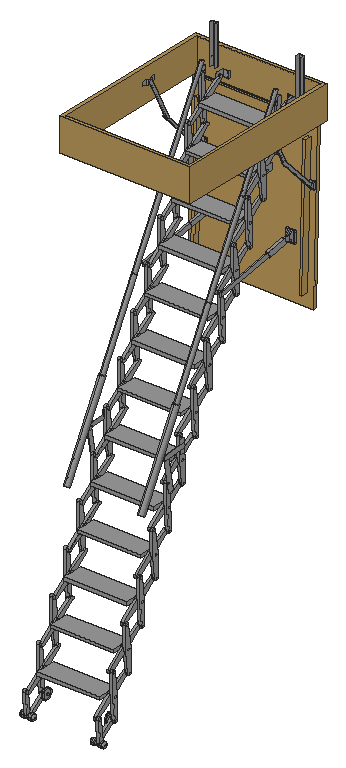
Revit family "schaartrap_XL-H 1000x1300mm", category Generic Models, Revit 2019
Family settings
  Can host rebar = No
  Round Connector Dimension = Use Diameter
  Part Type = Normal
  Work Plane-Based = Yes
  Always vertical = Yes
  Cut with Voids When Loaded = No
  Shared = Yes
  Room Calculation Point = No
Parameters
  schaartrap = gietaluminium
  deksel = hout
  bovenliggende treden = yes
  URL = "https://www.gortergroup.com/nl/producten/ladders-en-trappen/schaartrappen/xl.html"
  Model = "XL-H 1000x1300mm"  # constant formula
  Default Elevation = 0 mm
Reference planes
  plane 1 "Center (Front/Back)": y = 0
  plane 2: z = 0
  plane 3 "Center (Left/Right)": x = 0
  plane 4: x = 246.5
  plane 5: x = -246.5
  plane 6: x = 266.5
  plane 7: x = 286.5
  plane 8: x = -266.5
  plane 9: x = -286.5
  plane 10: x = 342.5
  plane 11: x = -342.5
  plane 12: x = 317.5
  plane 13: x = -317.5
  plane 14: x = 187
  plane 15: through (0, 345.082, 1914.696) normal (0, 0.9043, -0.4269)
  plane 16: x = 493.5
  plane 17: x = -493.5
  plane 18: x = 475
  plane 19: x = -475
  plane 20: through (63.5, 406.241, 1400.253) normal (0, 0.8771, -0.4804)
  plane 21: through (-63.5, 406.241, 1400.253) normal (0, -0.8771, 0.4804)
  plane 22 "traplijn": through (0, 1396.149, 3118.536) normal (0, -0.9043, 0.4268)
  plane 23: z = 3500.001
  plane 24 "bk. omtimmering": z = 3750.004
  plane 25: y = 605.792
  plane 26: y = 69.831
  plane 27: y = 197.695
  plane 28: y = 1895.792
Forms (mm)
  Extrusion 1, solid, material "gietaluminium" <- "schaartrap", not visible
    sketch origin (0, -403.664, 0) x (0, 1, 0) y (0, 0, 1)
      loop
        line (1660.091, 591.072) -> (1793.702, 492.583)
        arc (1793.702, 492.583) -> (1815.407, 492.044) -> (1815.385, 513.755) r 15.158
        line (1815.385, 513.755) -> (1672.629, 608.949)
        arc (1672.629, 608.949) -> (1657.833, 605.991) -> (1660.091, 591.072) r 10.93
      loop
        arc (1681.567, 738.759) -> (1744.911, 698.362) -> (1810.449, 661.629) r 1321.664
        arc (1810.449, 661.629) -> (1824.468, 665.035) -> (1822.897, 679.376) r 10.93
        arc (1822.897, 679.376) -> (1753.457, 738.623) -> (1680.094, 792.935) r 1321.664
        arc (1680.094, 792.935) -> (1613.285, 836.009) -> (1544.007, 874.988) r 1321.664
        arc (1544.007, 874.988) -> (1529.988, 871.582) -> (1531.559, 857.241) r 10.93
        arc (1531.559, 857.241) -> (1604.418, 795.285) -> (1681.567, 738.759) r 1321.664
      loop
        arc (1553.722, 1004.35) -> (1617.066, 963.953) -> (1682.604, 927.22) r 1321.664
        arc (1682.604, 927.22) -> (1696.623, 930.626) -> (1695.052, 944.967) r 10.93
        arc (1695.052, 944.967) -> (1625.612, 1004.214) -> (1552.249, 1058.526) r 1321.664
        arc (1552.249, 1058.526) -> (1485.44, 1101.6) -> (1416.162, 1140.579) r 1321.664
        arc (1416.162, 1140.579) -> (1402.143, 1137.173) -> (1403.714, 1122.832) r 10.93
        arc (1403.714, 1122.832) -> (1476.573, 1060.876) -> (1553.722, 1004.35) r 1321.664
      loop
        arc (1425.877, 1269.941) -> (1489.221, 1229.544) -> (1554.759, 1192.811) r 1321.664
        arc (1554.759, 1192.811) -> (1568.778, 1196.217) -> (1567.207, 1210.558) r 10.93
        arc (1567.207, 1210.558) -> (1497.767, 1269.805) -> (1424.404, 1324.117) r 1321.664
        arc (1424.404, 1324.117) -> (1357.595, 1367.191) -> (1288.317, 1406.171) r 1321.664
        arc (1288.317, 1406.171) -> (1274.298, 1402.764) -> (1275.869, 1388.423) r 10.93
        arc (1275.869, 1388.423) -> (1348.728, 1326.467) -> (1425.877, 1269.941) r 1321.664
      loop
        arc (1298.032, 1535.532) -> (1361.376, 1495.135) -> (1426.914, 1458.402) r 1321.664
        arc (1426.914, 1458.402) -> (1440.933, 1461.808) -> (1439.362, 1476.149) r 10.93
        arc (1439.362, 1476.149) -> (1369.922, 1535.396) -> (1296.559, 1589.708) r 1321.664
        arc (1296.559, 1589.708) -> (1229.75, 1632.782) -> (1160.472, 1671.762) r 1321.664
        arc (1160.472, 1671.762) -> (1146.453, 1668.355) -> (1148.025, 1654.014) r 10.93
        arc (1148.025, 1654.014) -> (1220.883, 1592.058) -> (1298.032, 1535.532) r 1321.664
      loop
        arc (1170.187, 1801.124) -> (1233.531, 1760.726) -> (1299.069, 1723.993) r 1321.664
        arc (1299.069, 1723.993) -> (1313.088, 1727.399) -> (1311.517, 1741.741) r 10.93
        arc (1311.517, 1741.741) -> (1242.077, 1800.987) -> (1168.714, 1855.299) r 1321.664
        arc (1168.714, 1855.299) -> (1101.905, 1898.373) -> (1032.628, 1937.353) r 1321.664
        arc (1032.628, 1937.353) -> (1018.608, 1933.947) -> (1020.18, 1919.605) r 10.93
        arc (1020.18, 1919.605) -> (1093.038, 1857.649) -> (1170.187, 1801.124) r 1321.664
      loop
        arc (1042.257, 2065.796) -> (1105.602, 2025.399) -> (1171.139, 1988.666) r 1321.664
        arc (1171.139, 1988.666) -> (1185.158, 1992.072) -> (1183.587, 2006.413) r 10.93
        arc (1183.587, 2006.413) -> (1114.148, 2065.66) -> (1040.784, 2119.972) r 1321.664
        arc (1040.784, 2119.972) -> (973.975, 2163.046) -> (904.698, 2202.025) r 1321.664
        arc (904.698, 2202.025) -> (890.679, 2198.619) -> (892.25, 2184.278) r 10.93
        arc (892.25, 2184.278) -> (965.109, 2122.322) -> (1042.257, 2065.796) r 1321.664
      loop
        arc (914.497, 2332.306) -> (977.842, 2291.908) -> (1043.379, 2255.175) r 1321.664
        arc (1043.379, 2255.175) -> (1057.398, 2258.582) -> (1055.827, 2272.923) r 10.93
        arc (1055.827, 2272.923) -> (986.388, 2332.169) -> (913.024, 2386.482) r 1321.664
        arc (913.024, 2386.482) -> (846.215, 2429.555) -> (776.938, 2468.535) r 1321.664
        arc (776.938, 2468.535) -> (762.919, 2465.129) -> (764.49, 2450.788) r 10.93
        arc (764.49, 2450.788) -> (837.349, 2388.831) -> (914.497, 2332.306) r 1321.664
      loop
        arc (786.652, 2597.897) -> (849.997, 2557.499) -> (915.534, 2520.767) r 1321.664
        arc (915.534, 2520.767) -> (929.553, 2524.173) -> (927.982, 2538.514) r 10.93
        arc (927.982, 2538.514) -> (858.543, 2597.76) -> (785.179, 2652.073) r 1321.664
        arc (785.179, 2652.073) -> (718.37, 2695.147) -> (649.093, 2734.126) r 1321.664
        arc (649.093, 2734.126) -> (635.074, 2730.72) -> (636.645, 2716.379) r 10.93
        arc (636.645, 2716.379) -> (709.504, 2654.422) -> (786.652, 2597.897) r 1321.664
      loop
        arc (658.807, 2863.488) -> (722.152, 2823.09) -> (787.689, 2786.358) r 1321.664
        arc (787.689, 2786.358) -> (801.708, 2789.764) -> (800.137, 2804.105) r 10.93
        arc (800.137, 2804.105) -> (730.698, 2863.352) -> (657.334, 2917.664) r 1321.664
        arc (657.334, 2917.664) -> (590.525, 2960.738) -> (521.248, 2999.717) r 1321.664
        arc (521.248, 2999.717) -> (507.229, 2996.311) -> (508.8, 2981.97) r 10.93
        arc (508.8, 2981.97) -> (581.659, 2920.013) -> (658.807, 2863.488) r 1321.664
      loop
        arc (530.962, 3129.079) -> (594.307, 3088.682) -> (659.844, 3051.949) r 1321.664
        arc (659.844, 3051.949) -> (673.863, 3055.355) -> (672.292, 3069.696) r 10.93
        arc (672.292, 3069.696) -> (602.853, 3128.943) -> (529.49, 3183.255) r 1321.664
        arc (529.49, 3183.255) -> (462.68, 3226.329) -> (393.403, 3265.308) r 1321.664
        arc (393.403, 3265.308) -> (379.384, 3261.902) -> (380.955, 3247.561) r 10.93
        arc (380.955, 3247.561) -> (453.814, 3185.604) -> (530.962, 3129.079) r 1321.664
      loop
        arc (402.919, 3394.67) -> (466.263, 3354.273) -> (531.801, 3317.54) r 1321.664
        arc (531.801, 3317.54) -> (545.82, 3320.946) -> (544.249, 3335.287) r 10.93
        arc (544.249, 3335.287) -> (474.809, 3394.534) -> (401.446, 3448.846) r 1321.664
        arc (401.446, 3448.846) -> (334.637, 3491.92) -> (265.359, 3530.899) r 1321.664
        arc (265.359, 3530.899) -> (251.34, 3527.493) -> (252.911, 3513.152) r 10.93
        arc (252.911, 3513.152) -> (325.77, 3451.196) -> (402.919, 3394.67) r 1321.664
      loop
        arc (275.074, 3660.261) -> (338.418, 3619.864) -> (403.956, 3583.131) r 1321.664
        arc (403.956, 3583.131) -> (417.975, 3586.537) -> (416.404, 3600.878) r 10.93
        arc (416.404, 3600.878) -> (346.964, 3660.125) -> (273.601, 3714.437) r 1321.664
        arc (273.601, 3714.437) -> (206.792, 3757.511) -> (137.514, 3796.49) r 1321.664
        arc (137.514, 3796.49) -> (123.495, 3793.084) -> (125.066, 3778.743) r 10.93
        arc (125.066, 3778.743) -> (197.925, 3716.787) -> (275.074, 3660.261) r 1321.664
      loop
        arc (147.229, 3925.852) -> (210.573, 3885.455) -> (276.111, 3848.722) r 1321.664
        arc (276.111, 3848.722) -> (290.13, 3852.128) -> (288.559, 3866.469) r 10.93
        arc (288.559, 3866.469) -> (219.119, 3925.716) -> (145.756, 3980.028) r 1321.664
        arc (145.756, 3980.028) -> (78.947, 4023.102) -> (9.669, 4062.081) r 1321.664
        arc (9.669, 4062.081) -> (-4.35, 4058.675) -> (-2.779, 4044.334) r 10.93
        arc (-2.779, 4044.334) -> (70.08, 3982.378) -> (147.229, 3925.852) r 1321.664
    from 366 to 386
  Extrusion 2, solid, material "gietaluminium" <- "schaartrap", not visible
    sketch origin (0, -403.664, 0) x (0, 1, 0) y (0, 0, 1)
      loop
        line (1804.611, 671.987) -> (1789.899, 500.206)
        arc (1789.899, 500.206) -> (1805.874, 487.768) -> (1819.973, 502.308) r 15.158
        line (1819.973, 502.308) -> (1826.429, 670.635)
        arc (1826.429, 670.635) -> (1816.196, 682.22) -> (1804.611, 671.987) r 10.93
      loop
        arc (1655.876, 598.979) -> (1666.105, 588.806) -> (1677.512, 597.639) r 10.93
        arc (1677.512, 597.639) -> (1699.046, 766.957) -> (1698.58, 937.638) r 1321.664
        arc (1698.58, 937.638) -> (1688.351, 947.811) -> (1676.944, 938.979) r 10.93
        arc (1676.944, 938.979) -> (1655.41, 769.66) -> (1655.876, 598.979) r 1321.664
      loop
        arc (1528.031, 864.57) -> (1538.261, 854.397) -> (1549.667, 863.23) r 10.93
        arc (1549.667, 863.23) -> (1571.201, 1032.548) -> (1570.735, 1203.229) r 1321.664
        arc (1570.735, 1203.229) -> (1560.506, 1213.403) -> (1549.099, 1204.57) r 10.93
        arc (1549.099, 1204.57) -> (1527.565, 1035.252) -> (1528.031, 864.57) r 1321.664
      loop
        arc (1400.186, 1130.161) -> (1410.416, 1119.988) -> (1421.822, 1128.821) r 10.93
        arc (1421.822, 1128.821) -> (1443.356, 1298.139) -> (1442.89, 1468.82) r 1321.664
        arc (1442.89, 1468.82) -> (1432.661, 1478.994) -> (1421.254, 1470.161) r 10.93
        arc (1421.254, 1470.161) -> (1399.72, 1300.843) -> (1400.186, 1130.161) r 1321.664
      loop
        arc (1272.341, 1395.752) -> (1282.571, 1385.579) -> (1293.978, 1394.412) r 10.93
        arc (1293.978, 1394.412) -> (1315.511, 1563.73) -> (1315.045, 1734.411) r 1321.664
        arc (1315.045, 1734.411) -> (1304.816, 1744.585) -> (1293.409, 1735.752) r 10.93
        arc (1293.409, 1735.752) -> (1271.875, 1566.434) -> (1272.341, 1395.752) r 1321.664
      loop
        arc (1144.497, 1661.344) -> (1154.726, 1651.17) -> (1166.133, 1660.003) r 10.93
        arc (1166.133, 1660.003) -> (1187.666, 1829.321) -> (1187.2, 2000.002) r 1321.664
        arc (1187.2, 2000.002) -> (1176.971, 2010.176) -> (1165.564, 2001.343) r 10.93
        arc (1165.564, 2001.343) -> (1144.03, 1832.025) -> (1144.497, 1661.344) r 1321.664
      loop
        arc (1016.652, 1926.935) -> (1026.881, 1916.761) -> (1038.288, 1925.594) r 10.93
        arc (1038.288, 1925.594) -> (1059.821, 2094.912) -> (1059.355, 2265.593) r 1321.664
        arc (1059.355, 2265.593) -> (1049.126, 2275.767) -> (1037.719, 2266.934) r 10.93
        arc (1037.719, 2266.934) -> (1016.185, 2097.616) -> (1016.652, 1926.935) r 1321.664
      loop
        arc (888.807, 2192.526) -> (899.036, 2182.352) -> (910.443, 2191.185) r 10.93
        arc (910.443, 2191.185) -> (931.976, 2360.503) -> (931.51, 2531.185) r 1321.664
        arc (931.51, 2531.185) -> (921.281, 2541.358) -> (909.874, 2532.525) r 10.93
        arc (909.874, 2532.525) -> (888.34, 2363.207) -> (888.807, 2192.526) r 1321.664
      loop
        arc (760.962, 2458.117) -> (771.191, 2447.943) -> (782.598, 2456.776) r 10.93
        arc (782.598, 2456.776) -> (804.132, 2626.094) -> (803.665, 2796.776) r 1321.664
        arc (803.665, 2796.776) -> (793.436, 2806.949) -> (782.029, 2798.116) r 10.93
        arc (782.029, 2798.116) -> (760.495, 2628.798) -> (760.962, 2458.117) r 1321.664
      loop
        arc (633.117, 2723.708) -> (643.346, 2713.534) -> (654.753, 2722.367) r 10.93
        arc (654.753, 2722.367) -> (676.287, 2891.685) -> (675.82, 3062.367) r 1321.664
        arc (675.82, 3062.367) -> (665.591, 3072.54) -> (654.184, 3063.707) r 10.93
        arc (654.184, 3063.707) -> (632.651, 2894.389) -> (633.117, 2723.708) r 1321.664
      loop
        arc (505.272, 2989.299) -> (515.501, 2979.126) -> (526.908, 2987.958) r 10.93
        arc (526.908, 2987.958) -> (548.442, 3157.277) -> (547.975, 3327.958) r 1321.664
        arc (547.975, 3327.958) -> (537.746, 3338.131) -> (526.339, 3329.298) r 10.93
        arc (526.339, 3329.298) -> (504.806, 3159.98) -> (505.272, 2989.299) r 1321.664
      loop
        arc (377.427, 3254.89) -> (387.656, 3244.717) -> (399.063, 3253.55) r 10.93
        arc (399.063, 3253.55) -> (420.597, 3422.868) -> (420.13, 3593.549) r 1321.664
        arc (420.13, 3593.549) -> (409.901, 3603.722) -> (398.494, 3594.89) r 10.93
        arc (398.494, 3594.89) -> (376.961, 3425.571) -> (377.427, 3254.89) r 1321.664
      loop
        arc (249.582, 3520.481) -> (259.811, 3510.308) -> (271.218, 3519.141) r 10.93
        arc (271.218, 3519.141) -> (292.752, 3688.459) -> (292.286, 3859.14) r 1321.664
        arc (292.286, 3859.14) -> (282.056, 3869.314) -> (270.649, 3860.481) r 10.93
        arc (270.649, 3860.481) -> (249.116, 3691.163) -> (249.582, 3520.481) r 1321.664
      loop
        arc (121.737, 3786.072) -> (131.966, 3775.899) -> (143.373, 3784.732) r 10.93
        arc (143.373, 3784.732) -> (164.907, 3954.05) -> (164.441, 4124.731) r 1321.664
        arc (164.441, 4124.731) -> (154.211, 4134.905) -> (142.804, 4126.072) r 10.93
        arc (142.804, 4126.072) -> (121.271, 3956.754) -> (121.737, 3786.072) r 1321.664
    from 386 to 406
  Extrusion 3, solid, material "gietaluminium" <- "schaartrap"
    sketch origin (0, 1421.409, -482.845) x (0, -1, 0) y (0, 0, -1)
      loop
        line (1067.733, -1026.907) -> (1067.733, -1050.729) -> (1223.714, -1050.729) -> (1223.714, -1026.907) -> (1067.733, -1026.907)
      loop
        line (1195.578, -785.182) -> (1351.578, -785.182) -> (1351.578, -761.291) -> (1195.578, -761.291) -> (1195.578, -785.182)
      loop
        line (939.888, -1292.454) -> (939.888, -1316.276) -> (1095.869, -1316.276) -> (1095.869, -1292.454) -> (939.888, -1292.454)
      loop
        line (812.043, -1558.001) -> (812.043, -1581.823) -> (968.024, -1581.823) -> (968.024, -1558.001) -> (812.043, -1558.001)
      loop
        line (684.198, -1823.548) -> (684.198, -1847.37) -> (840.179, -1847.37) -> (840.179, -1823.548) -> (684.198, -1823.548)
      loop
        line (556.353, -2089.095) -> (556.353, -2112.917) -> (712.334, -2112.917) -> (712.334, -2089.095) -> (556.353, -2089.095)
      loop
        line (428.508, -2354.642) -> (428.508, -2378.465) -> (584.489, -2378.465) -> (584.489, -2354.642) -> (428.508, -2354.642)
      loop
        line (300.663, -2620.189) -> (300.663, -2644.012) -> (456.644, -2644.012) -> (456.644, -2620.189) -> (300.663, -2620.189)
      loop
        line (172.818, -2885.736) -> (172.818, -2909.559) -> (328.799, -2909.559) -> (328.799, -2885.736) -> (172.818, -2885.736)
      loop
        line (44.973, -3151.284) -> (44.973, -3175.106) -> (200.954, -3175.106) -> (200.954, -3151.284) -> (44.973, -3151.284)
      loop
        line (-82.872, -3416.831) -> (-82.872, -3440.653) -> (73.109, -3440.653) -> (73.109, -3416.831) -> (-82.872, -3416.831)
      loop
        line (-210.717, -3682.378) -> (-210.717, -3706.2) -> (-54.736, -3706.2) -> (-54.736, -3682.378) -> (-210.717, -3682.378)
      loop
        line (-338.562, -3947.925) -> (-338.562, -3971.747) -> (-182.581, -3971.747) -> (-182.581, -3947.925) -> (-338.562, -3947.925)
    from -240 to 240
  Extrusion 4, solid, material "gietaluminium" <- "schaartrap"
    sketch origin (119.5, 1825.073, -482.845) x (0, -1, 0) y (0, 0, 1)
      loop
        line (1660.091, 591.072) -> (1793.702, 492.583)
        arc (1793.702, 492.583) -> (1815.407, 492.044) -> (1815.385, 513.755) r 15.158
        line (1815.385, 513.755) -> (1672.629, 608.949)
        arc (1672.629, 608.949) -> (1657.833, 605.991) -> (1660.091, 591.072) r 10.93
      loop
        arc (1681.567, 738.759) -> (1744.911, 698.362) -> (1810.449, 661.629) r 1321.664
        arc (1810.449, 661.629) -> (1824.468, 665.035) -> (1822.897, 679.376) r 10.93
        arc (1822.897, 679.376) -> (1753.457, 738.623) -> (1680.094, 792.935) r 1321.664
        arc (1680.094, 792.935) -> (1613.285, 836.009) -> (1544.007, 874.988) r 1321.664
        arc (1544.007, 874.988) -> (1529.988, 871.582) -> (1531.559, 857.241) r 10.93
        arc (1531.559, 857.241) -> (1604.418, 795.285) -> (1681.567, 738.759) r 1321.664
      loop
        arc (1553.722, 1004.35) -> (1617.066, 963.953) -> (1682.604, 927.22) r 1321.664
        arc (1682.604, 927.22) -> (1696.623, 930.626) -> (1695.052, 944.967) r 10.93
        arc (1695.052, 944.967) -> (1625.612, 1004.214) -> (1552.249, 1058.526) r 1321.664
        arc (1552.249, 1058.526) -> (1485.44, 1101.6) -> (1416.162, 1140.579) r 1321.664
        arc (1416.162, 1140.579) -> (1402.143, 1137.173) -> (1403.714, 1122.832) r 10.93
        arc (1403.714, 1122.832) -> (1476.573, 1060.876) -> (1553.722, 1004.35) r 1321.664
      loop
        arc (1425.877, 1269.941) -> (1489.221, 1229.544) -> (1554.759, 1192.811) r 1321.664
        arc (1554.759, 1192.811) -> (1568.778, 1196.217) -> (1567.207, 1210.558) r 10.93
        arc (1567.207, 1210.558) -> (1497.767, 1269.805) -> (1424.404, 1324.117) r 1321.664
        arc (1424.404, 1324.117) -> (1357.595, 1367.191) -> (1288.317, 1406.171) r 1321.664
        arc (1288.317, 1406.171) -> (1274.298, 1402.764) -> (1275.869, 1388.423) r 10.93
        arc (1275.869, 1388.423) -> (1348.728, 1326.467) -> (1425.877, 1269.941) r 1321.664
      loop
        arc (1298.032, 1535.532) -> (1361.376, 1495.135) -> (1426.914, 1458.402) r 1321.664
        arc (1426.914, 1458.402) -> (1440.933, 1461.808) -> (1439.362, 1476.149) r 10.93
        arc (1439.362, 1476.149) -> (1369.922, 1535.396) -> (1296.559, 1589.708) r 1321.664
        arc (1296.559, 1589.708) -> (1229.75, 1632.782) -> (1160.472, 1671.762) r 1321.664
        arc (1160.472, 1671.762) -> (1146.453, 1668.355) -> (1148.025, 1654.014) r 10.93
        arc (1148.025, 1654.014) -> (1220.883, 1592.058) -> (1298.032, 1535.532) r 1321.664
      loop
        arc (1170.187, 1801.124) -> (1233.531, 1760.726) -> (1299.069, 1723.993) r 1321.664
        arc (1299.069, 1723.993) -> (1313.088, 1727.399) -> (1311.517, 1741.741) r 10.93
        arc (1311.517, 1741.741) -> (1242.077, 1800.987) -> (1168.714, 1855.299) r 1321.664
        arc (1168.714, 1855.299) -> (1101.905, 1898.373) -> (1032.628, 1937.353) r 1321.664
        arc (1032.628, 1937.353) -> (1018.608, 1933.947) -> (1020.18, 1919.605) r 10.93
        arc (1020.18, 1919.605) -> (1093.038, 1857.649) -> (1170.187, 1801.124) r 1321.664
      loop
        arc (1042.257, 2065.796) -> (1105.602, 2025.399) -> (1171.139, 1988.666) r 1321.664
        arc (1171.139, 1988.666) -> (1185.158, 1992.072) -> (1183.587, 2006.413) r 10.93
        arc (1183.587, 2006.413) -> (1114.148, 2065.66) -> (1040.784, 2119.972) r 1321.664
        arc (1040.784, 2119.972) -> (973.975, 2163.046) -> (904.698, 2202.025) r 1321.664
        arc (904.698, 2202.025) -> (890.679, 2198.619) -> (892.25, 2184.278) r 10.93
        arc (892.25, 2184.278) -> (965.109, 2122.322) -> (1042.257, 2065.796) r 1321.664
      loop
        arc (914.497, 2332.306) -> (977.842, 2291.908) -> (1043.379, 2255.175) r 1321.664
        arc (1043.379, 2255.175) -> (1057.398, 2258.582) -> (1055.827, 2272.923) r 10.93
        arc (1055.827, 2272.923) -> (986.388, 2332.169) -> (913.024, 2386.482) r 1321.664
        arc (913.024, 2386.482) -> (846.215, 2429.555) -> (776.938, 2468.535) r 1321.664
        arc (776.938, 2468.535) -> (762.919, 2465.129) -> (764.49, 2450.788) r 10.93
        arc (764.49, 2450.788) -> (837.349, 2388.831) -> (914.497, 2332.306) r 1321.664
      loop
        arc (786.652, 2597.897) -> (849.997, 2557.499) -> (915.534, 2520.767) r 1321.664
        arc (915.534, 2520.767) -> (929.553, 2524.173) -> (927.982, 2538.514) r 10.93
        arc (927.982, 2538.514) -> (858.543, 2597.76) -> (785.179, 2652.073) r 1321.664
        arc (785.179, 2652.073) -> (718.37, 2695.147) -> (649.093, 2734.126) r 1321.664
        arc (649.093, 2734.126) -> (635.074, 2730.72) -> (636.645, 2716.379) r 10.93
        arc (636.645, 2716.379) -> (709.504, 2654.422) -> (786.652, 2597.897) r 1321.664
      loop
        arc (658.807, 2863.488) -> (722.152, 2823.09) -> (787.689, 2786.358) r 1321.664
        arc (787.689, 2786.358) -> (801.708, 2789.764) -> (800.137, 2804.105) r 10.93
        arc (800.137, 2804.105) -> (730.698, 2863.352) -> (657.334, 2917.664) r 1321.664
        arc (657.334, 2917.664) -> (590.525, 2960.738) -> (521.248, 2999.717) r 1321.664
        arc (521.248, 2999.717) -> (507.229, 2996.311) -> (508.8, 2981.97) r 10.93
        arc (508.8, 2981.97) -> (581.659, 2920.013) -> (658.807, 2863.488) r 1321.664
      loop
        arc (530.962, 3129.079) -> (594.307, 3088.682) -> (659.844, 3051.949) r 1321.664
        arc (659.844, 3051.949) -> (673.863, 3055.355) -> (672.292, 3069.696) r 10.93
        arc (672.292, 3069.696) -> (602.853, 3128.943) -> (529.49, 3183.255) r 1321.664
        arc (529.49, 3183.255) -> (462.68, 3226.329) -> (393.403, 3265.308) r 1321.664
        arc (393.403, 3265.308) -> (379.384, 3261.902) -> (380.955, 3247.561) r 10.93
        arc (380.955, 3247.561) -> (453.814, 3185.604) -> (530.962, 3129.079) r 1321.664
      loop
        arc (402.919, 3394.67) -> (466.263, 3354.273) -> (531.801, 3317.54) r 1321.664
        arc (531.801, 3317.54) -> (545.82, 3320.946) -> (544.249, 3335.287) r 10.93
        arc (544.249, 3335.287) -> (474.809, 3394.534) -> (401.446, 3448.846) r 1321.664
        arc (401.446, 3448.846) -> (334.637, 3491.92) -> (265.359, 3530.899) r 1321.664
        arc (265.359, 3530.899) -> (251.34, 3527.493) -> (252.911, 3513.152) r 10.93
        arc (252.911, 3513.152) -> (325.77, 3451.196) -> (402.919, 3394.67) r 1321.664
      loop
        arc (275.074, 3660.261) -> (338.418, 3619.864) -> (403.956, 3583.131) r 1321.664
        arc (403.956, 3583.131) -> (417.975, 3586.537) -> (416.404, 3600.878) r 10.93
        arc (416.404, 3600.878) -> (346.964, 3660.125) -> (273.601, 3714.437) r 1321.664
        arc (273.601, 3714.437) -> (206.792, 3757.511) -> (137.514, 3796.49) r 1321.664
        arc (137.514, 3796.49) -> (123.495, 3793.084) -> (125.066, 3778.743) r 10.93
        arc (125.066, 3778.743) -> (197.925, 3716.787) -> (275.074, 3660.261) r 1321.664
      loop
        arc (147.229, 3925.852) -> (210.573, 3885.455) -> (276.111, 3848.722) r 1321.664
        arc (276.111, 3848.722) -> (290.13, 3852.128) -> (288.559, 3866.469) r 10.93
        arc (288.559, 3866.469) -> (219.119, 3925.716) -> (145.756, 3980.028) r 1321.664
        arc (145.756, 3980.028) -> (78.947, 4023.102) -> (9.669, 4062.081) r 1321.664
        arc (9.669, 4062.081) -> (-4.35, 4058.675) -> (-2.779, 4044.334) r 10.93
        arc (-2.779, 4044.334) -> (70.08, 3982.378) -> (147.229, 3925.852) r 1321.664
    from 366 to 386
  Extrusion 5, solid, material "gietaluminium" <- "schaartrap"
    sketch origin (119.5, 1825.073, -482.845) x (0, -1, 0) y (0, 0, 1)
      loop
        line (1804.611, 671.987) -> (1789.899, 500.206)
        arc (1789.899, 500.206) -> (1805.874, 487.768) -> (1819.973, 502.308) r 15.158
        line (1819.973, 502.308) -> (1826.429, 670.635)
        arc (1826.429, 670.635) -> (1816.196, 682.22) -> (1804.611, 671.987) r 10.93
      loop
        arc (1655.876, 598.979) -> (1666.105, 588.806) -> (1677.512, 597.639) r 10.93
        arc (1677.512, 597.639) -> (1699.046, 766.957) -> (1698.58, 937.638) r 1321.664
        arc (1698.58, 937.638) -> (1688.351, 947.811) -> (1676.944, 938.979) r 10.93
        arc (1676.944, 938.979) -> (1655.41, 769.66) -> (1655.876, 598.979) r 1321.664
      loop
        arc (1528.031, 864.57) -> (1538.261, 854.397) -> (1549.667, 863.23) r 10.93
        arc (1549.667, 863.23) -> (1571.201, 1032.548) -> (1570.735, 1203.229) r 1321.664
        arc (1570.735, 1203.229) -> (1560.506, 1213.403) -> (1549.099, 1204.57) r 10.93
        arc (1549.099, 1204.57) -> (1527.565, 1035.252) -> (1528.031, 864.57) r 1321.664
      loop
        arc (1400.186, 1130.161) -> (1410.416, 1119.988) -> (1421.822, 1128.821) r 10.93
        arc (1421.822, 1128.821) -> (1443.356, 1298.139) -> (1442.89, 1468.82) r 1321.664
        arc (1442.89, 1468.82) -> (1432.661, 1478.994) -> (1421.254, 1470.161) r 10.93
        arc (1421.254, 1470.161) -> (1399.72, 1300.843) -> (1400.186, 1130.161) r 1321.664
      loop
        arc (1272.341, 1395.752) -> (1282.571, 1385.579) -> (1293.978, 1394.412) r 10.93
        arc (1293.978, 1394.412) -> (1315.511, 1563.73) -> (1315.045, 1734.411) r 1321.664
        arc (1315.045, 1734.411) -> (1304.816, 1744.585) -> (1293.409, 1735.752) r 10.93
        arc (1293.409, 1735.752) -> (1271.875, 1566.434) -> (1272.341, 1395.752) r 1321.664
      loop
        arc (1144.497, 1661.344) -> (1154.726, 1651.17) -> (1166.133, 1660.003) r 10.93
        arc (1166.133, 1660.003) -> (1187.666, 1829.321) -> (1187.2, 2000.002) r 1321.664
        arc (1187.2, 2000.002) -> (1176.971, 2010.176) -> (1165.564, 2001.343) r 10.93
        arc (1165.564, 2001.343) -> (1144.03, 1832.025) -> (1144.497, 1661.344) r 1321.664
      loop
        arc (1016.652, 1926.935) -> (1026.881, 1916.761) -> (1038.288, 1925.594) r 10.93
        arc (1038.288, 1925.594) -> (1059.821, 2094.912) -> (1059.355, 2265.593) r 1321.664
        arc (1059.355, 2265.593) -> (1049.126, 2275.767) -> (1037.719, 2266.934) r 10.93
        arc (1037.719, 2266.934) -> (1016.185, 2097.616) -> (1016.652, 1926.935) r 1321.664
      loop
        arc (888.807, 2192.526) -> (899.036, 2182.352) -> (910.443, 2191.185) r 10.93
        arc (910.443, 2191.185) -> (931.976, 2360.503) -> (931.51, 2531.185) r 1321.664
        arc (931.51, 2531.185) -> (921.281, 2541.358) -> (909.874, 2532.525) r 10.93
        arc (909.874, 2532.525) -> (888.34, 2363.207) -> (888.807, 2192.526) r 1321.664
      loop
        arc (760.962, 2458.117) -> (771.191, 2447.943) -> (782.598, 2456.776) r 10.93
        arc (782.598, 2456.776) -> (804.132, 2626.094) -> (803.665, 2796.776) r 1321.664
        arc (803.665, 2796.776) -> (793.436, 2806.949) -> (782.029, 2798.116) r 10.93
        arc (782.029, 2798.116) -> (760.495, 2628.798) -> (760.962, 2458.117) r 1321.664
      loop
        arc (633.117, 2723.708) -> (643.346, 2713.534) -> (654.753, 2722.367) r 10.93
        arc (654.753, 2722.367) -> (676.287, 2891.685) -> (675.82, 3062.367) r 1321.664
        arc (675.82, 3062.367) -> (665.591, 3072.54) -> (654.184, 3063.707) r 10.93
        arc (654.184, 3063.707) -> (632.651, 2894.389) -> (633.117, 2723.708) r 1321.664
      loop
        arc (505.272, 2989.299) -> (515.501, 2979.126) -> (526.908, 2987.958) r 10.93
        arc (526.908, 2987.958) -> (548.442, 3157.277) -> (547.975, 3327.958) r 1321.664
        arc (547.975, 3327.958) -> (537.746, 3338.131) -> (526.339, 3329.298) r 10.93
        arc (526.339, 3329.298) -> (504.806, 3159.98) -> (505.272, 2989.299) r 1321.664
      loop
        arc (377.427, 3254.89) -> (387.656, 3244.717) -> (399.063, 3253.55) r 10.93
        arc (399.063, 3253.55) -> (420.597, 3422.868) -> (420.13, 3593.549) r 1321.664
        arc (420.13, 3593.549) -> (409.901, 3603.722) -> (398.494, 3594.89) r 10.93
        arc (398.494, 3594.89) -> (376.961, 3425.571) -> (377.427, 3254.89) r 1321.664
      loop
        arc (249.582, 3520.481) -> (259.811, 3510.308) -> (271.218, 3519.141) r 10.93
        arc (271.218, 3519.141) -> (292.752, 3688.459) -> (292.286, 3859.14) r 1321.664
        arc (292.286, 3859.14) -> (282.056, 3869.314) -> (270.649, 3860.481) r 10.93
        arc (270.649, 3860.481) -> (249.116, 3691.163) -> (249.582, 3520.481) r 1321.664
      loop
        arc (121.737, 3786.072) -> (131.966, 3775.899) -> (143.373, 3784.732) r 10.93
        arc (143.373, 3784.732) -> (164.907, 3954.05) -> (164.441, 4124.731) r 1321.664
        arc (164.441, 4124.731) -> (154.211, 4134.905) -> (142.804, 4126.072) r 10.93
        arc (142.804, 4126.072) -> (121.271, 3956.754) -> (121.737, 3786.072) r 1321.664
    from 386 to 406
  Sweep 6, solid, material "gietaluminium" <- "schaartrap", not visible
    path origin (216.86, -187.746, 522.935) x (0, 0.998195, 0.060055) y (0, -0.060055, 0.998195)
      loop
        line (615.449, 1357.25) -> (948.391, 1965.031)
    profile origin (216.86, 493.003, 2228.035) x (0, -0.904299, 0.4269) y (1, 0, 0)
      loop
        circle (0, 0) r 20
  Sweep 7, solid, material "gietaluminium" <- "schaartrap", not visible
    path origin (216.86, -1.344, 1083.769) x (0, 0.998195, 0.060055) y (0, -0.060055, 0.998195)
      loop
        line (728.645, 1416.403) -> (1033.533, 1972.972)
    profile origin (216.86, 776.381, 2828.312) x (0, -0.904299, 0.4269) y (1, 0, 0)
      loop
        circle (0, 0) r 17.5
  Sweep 8, solid, material "gietaluminium" <- "schaartrap", not visible
    path origin (216.86, 157.976, 1563.12) x (0, 0.998195, 0.060055) y (0, -0.060055, 0.998195)
      loop
        line (845.714, 1504.055) -> (1164.864, 2086.658)
    profile origin (216.86, 1053.631, 3415.608) x (0, -0.904299, 0.4269) y (1, 0, 0)
      loop
        circle (0, 0) r 15
  Sweep 9, solid, material "gietaluminium" <- "schaartrap", not visible
    path origin (216.86, 345.192, 1995.085) x (0, 0.998195, 0.060055) y (0, -0.060055, 0.998195)
      loop
        line (952.045, 1666.716) -> (1271.94, 2250.68)
    profile origin (216.86, 1337.548, 4017.028) x (0, -0.904299, 0.4269) y (1, 0, 0)
      loop
        circle (0, 0) r 12.5
  Extrusion 10, solid, material "gietaluminium" <- "schaartrap", not visible
    sketch origin (0, -447.654, 614.683) x (0, 0.987709, -0.156304) y (0, 0.156304, 0.987709)
      loop
        line (715.262, 1747.503) -> (816.017, 1509.84)
        arc (816.017, 1509.84) -> (831.782, 1511.06) -> (843.661, 1521.495) r 25
        line (843.661, 1521.495) -> (742.83, 1759.336)
        arc (742.83, 1759.336) -> (727.074, 1758.014) -> (715.262, 1747.503) r 25
    from 228 to 223
  Extrusion 11, solid, material "gietaluminium" <- "schaartrap", not visible
    sketch origin (0, -448.534, 623.133) x (0, 0.987709, -0.156304) y (0, 0.156304, 0.987709)
      loop
        line (887.607, 1800.299) -> (718.694, 1751.946)
        arc (718.694, 1751.946) -> (718.958, 1736.419) -> (726.95, 1723.104) r 30
        line (726.95, 1723.104) -> (895.557, 1771.37)
        arc (895.557, 1771.37) -> (895.458, 1786.899) -> (887.607, 1800.299) r 30
    from 228 to 233
  Extrusion 12, solid, material "gietaluminium" <- "schaartrap", not visible
    sketch origin (0, -437.675, 616.482) x (0, 0.987709, -0.156304) y (0, 0.156304, 0.987709)
      loop
        arc (868.684, 1736.869) -> (884.211, 1737.133) -> (897.525, 1745.125) r 30
        line (897.525, 1745.125) -> (870.841, 1838.343)
        arc (870.841, 1838.343) -> (855.314, 1838.079) -> (842, 1830.087) r 30
        line (842, 1830.087) -> (868.684, 1736.869)
    from 223 to 228
  Extrusion 13, solid, material "gietaluminium" <- "schaartrap", not visible
    sketch origin (183, 1579.361, 1909.726) x (0, 0.984821, 0.173574) y (0, -0.173574, 0.984821)
      loop
        line (-1708.195, 1568.202) -> (-1089.291, 1343.94) -> (-1079.071, 1372.146) -> (-1701.193, 1597.574)
        arc (-1701.193, 1597.574) -> (-1709.149, 1583.95) -> (-1708.195, 1568.202) r 27.177
      loop
        circle (-1098.284, 1363.153) r 5.25
      loop
        circle (-1117.087, 1369.967) r 5.25
      loop
        circle (-1135.891, 1376.78) r 5.25
    from 223 to 238
  Extrusion 14, solid, material "gietaluminium" <- "schaartrap", not visible
    sketch origin (183, 1682.641, 1975.028) x (0, 0.984821, 0.173574) y (0, -0.173574, 0.984821)
      loop
        line (-1772.58, 1501.525) -> (-1625.801, 1448.339) -> (-1613.878, 1481.246) -> (-1760.656, 1534.432) -> (-1772.58, 1501.525)
    from 220 to 241
  Extrusion 15, solid, material "gietaluminium" <- "schaartrap", not visible
    sketch origin (183, 1453.884, 667.962) x (0, 0.990268, 0.139173) y (0, -0.139173, 0.990268)
      loop
        line (-1464.721, 2780.203) -> (-1473.744, 2694.357) -> (-1445.995, 2726.165)
        arc (-1445.995, 2726.165) -> (-1442.544, 2733.321) -> (-1443.232, 2741.236) r 15
        line (-1443.232, 2741.236) -> (-1444.192, 2743.321) -> (-1464.721, 2780.203)
      loop
        circle (-1457.298, 2736.026) r 4
    from 238 to 246
  Extrusion 16, solid, material "gietaluminium" <- "schaartrap", not visible
    sketch origin (160, 1487.224, 682.689) x (0, 0.990268, 0.139173) y (0, -0.139173, 0.990268)
      loop
        line (-1499.786, 2770.259) -> (-1508.809, 2684.413) -> (-1481.06, 2716.221)
        arc (-1481.06, 2716.221) -> (-1477.609, 2723.377) -> (-1478.297, 2731.292) r 15
        line (-1478.297, 2731.292) -> (-1479.257, 2733.377) -> (-1499.786, 2770.259)
      loop
        circle (-1492.363, 2726.082) r 4
    from 238 to 246
  Extrusion 17, solid, material "gietaluminium" <- "schaartrap"
    sketch origin (-63.5, -157.952, 1426.881) x (0, -0.984821, 0.173574) y (0, 0.173574, 0.984821)
      loop
        line (-1708.195, 1568.202) -> (-1089.291, 1343.94) -> (-1079.071, 1372.146) -> (-1701.193, 1597.574)
        arc (-1701.193, 1597.574) -> (-1709.149, 1583.95) -> (-1708.195, 1568.202) r 27.177
      loop
        circle (-1098.284, 1363.153) r 5.25
      loop
        circle (-1117.087, 1369.967) r 5.25
      loop
        circle (-1135.891, 1376.78) r 5.25
    from 223 to 238
  Extrusion 18, solid, material "gietaluminium" <- "schaartrap"
    sketch origin (-63.5, -261.232, 1492.184) x (0, -0.984821, 0.173574) y (0, 0.173574, 0.984821)
      loop
        line (-1772.58, 1501.525) -> (-1625.801, 1448.339) -> (-1613.878, 1481.246) -> (-1760.656, 1534.432) -> (-1772.58, 1501.525)
    from 220 to 241
  Extrusion 19, solid, material "gietaluminium" <- "schaartrap"
    sketch origin (-63.5, -32.475, 185.117) x (0, -0.990268, 0.139173) y (0, 0.139173, 0.990268)
      loop
        line (-1464.721, 2780.203) -> (-1473.744, 2694.357) -> (-1445.995, 2726.165)
        arc (-1445.995, 2726.165) -> (-1442.544, 2733.321) -> (-1443.232, 2741.236) r 15
        line (-1443.232, 2741.236) -> (-1444.192, 2743.321) -> (-1464.721, 2780.203)
      loop
        circle (-1457.298, 2736.026) r 4
    from 238 to 246
  Extrusion 20, solid, material "gietaluminium" <- "schaartrap"
    sketch origin (-40.5, -65.815, 199.844) x (0, -0.990268, 0.139173) y (0, 0.139173, 0.990268)
      loop
        line (-1499.786, 2770.259) -> (-1508.809, 2684.413) -> (-1481.06, 2716.221)
        arc (-1481.06, 2716.221) -> (-1477.609, 2723.377) -> (-1478.297, 2731.292) r 15
        line (-1478.297, 2731.292) -> (-1479.257, 2733.377) -> (-1499.786, 2770.259)
      loop
        circle (-1492.363, 2726.082) r 4
    from 238 to 246
  Extrusion 21, solid, material "gietaluminium" <- "schaartrap"
    sketch origin (-63.5, 1421.409, -482.845) x (0, -1, 0) y (0, 0, 1)
      loop
        circle (1273.564, 768.276) r 21
      loop
        circle (1145.719, 1033.868) r 21
      loop
        circle (1017.874, 1299.459) r 21
      loop
        circle (890.029, 1565.05) r 21
      loop
        circle (762.184, 1830.641) r 21
      loop
        circle (634.339, 2096.232) r 21
      loop
        circle (506.495, 2361.823) r 21
      loop
        circle (378.65, 2627.414) r 21
      loop
        circle (250.805, 2893.005) r 21
      loop
        circle (122.96, 3158.596) r 21
      loop
        circle (-4.885, 3424.187) r 21
      loop
        circle (-132.73, 3689.778) r 21
      loop
        circle (-260.575, 3955.37) r 21
    from 183 to 180
  Extrusion 22, solid, material "gietaluminium" <- "schaartrap", not visible
    sketch origin (183, 0, 0) x (0, 1, 0) y (0, 0, 1)
      loop
        circle (1273.564, 768.276) r 21
      loop
        circle (1145.719, 1033.868) r 21
      loop
        circle (1017.874, 1299.459) r 21
      loop
        circle (890.029, 1565.05) r 21
      loop
        circle (762.184, 1830.641) r 21
      loop
        circle (634.339, 2096.232) r 21
      loop
        circle (506.495, 2361.823) r 21
      loop
        circle (378.65, 2627.414) r 21
      loop
        circle (250.805, 2893.005) r 21
      loop
        circle (122.96, 3158.596) r 21
      loop
        circle (-4.885, 3424.187) r 21
      loop
        circle (-132.73, 3689.778) r 21
      loop
        circle (-260.575, 3955.37) r 21
    from 183 to 180
  Extrusion 23, void
    sketch origin (0, 592.23, 110.097) x (0, 1, 0) y (0, 0, 1)
      loop
        circle (1012.7, 3103.203) r 5.05
    from -270.5 to 270.5
  Extrusion 24, void
    sketch origin (0, 582.189, -30) x (0, 1, 0) y (0, 0, 1)
      loop
        line (1022.741, 3270.001) -> (994.712, 3270.001) -> (994.712, 3220.001) -> (1022.741, 3220.001)
        arc (1022.741, 3220.001) -> (997.741, 3245.001) -> (1022.741, 3270.001) r 25
    from -270.5 to 270.5
  Extrusion 25, solid, material "gietaluminium" <- "schaartrap"
    sketch origin (126.5, 51.438, -30.149) x (0, -1, 0) y (0, 0, 1)
      loop
        arc (-82.687, 115.163) -> (-68.522, 158.467) -> (-104.09, 186.941) r 40
        arc (-104.09, 186.941) -> (-145.186, 135.606) -> (-82.687, 115.163) r 40
      loop
        arc (-85.534, 116.796) -> (-71.436, 157.739) -> (-105.849, 184.023) r 37
        arc (-105.849, 184.023) -> (-142.272, 136.334) -> (-85.534, 116.796) r 37
    from 359 to 370
  Extrusion 26, solid, material "gietaluminium" <- "schaartrap"
    sketch origin (-63.5, 51.438, -30.149) x (0, -1, 0) y (0, 0, 1)
      loop
        arc (-105.849, 184.023) -> (-142.272, 136.334) -> (-85.534, 116.796) r 37
        arc (-85.534, 116.796) -> (-71.436, 157.739) -> (-105.849, 184.023) r 37
    from 173 to 176.5
  Extrusion 27, solid, material "gietaluminium" <- "schaartrap"
    sketch origin (-581.5, 51.438, -30.149) x (0, -1, 0) y (0, 0, -1)
      loop
        circle (-106.854, -147.037) r 5
    from 359 to 335
  Extrusion 28, solid, material "gietaluminium" <- "schaartrap", not visible
    sketch origin (-7, 1369.972, 452.696) x (0, 1, 0) y (0, 0, 1)
      loop
        arc (-82.687, 115.163) -> (-68.522, 158.467) -> (-104.09, 186.941) r 40
        arc (-104.09, 186.941) -> (-145.186, 135.606) -> (-82.687, 115.163) r 40
      loop
        arc (-85.534, 116.796) -> (-71.436, 157.739) -> (-105.849, 184.023) r 37
        arc (-105.849, 184.023) -> (-142.272, 136.334) -> (-85.534, 116.796) r 37
    from 359 to 370
  Extrusion 29, solid, material "gietaluminium" <- "schaartrap", not visible
    sketch origin (183, 1369.972, 452.696) x (0, 1, 0) y (0, 0, 1)
      loop
        arc (-105.849, 184.023) -> (-142.272, 136.334) -> (-85.534, 116.796) r 37
        arc (-85.534, 116.796) -> (-71.436, 157.739) -> (-105.849, 184.023) r 37
    from 173 to 176.5
  Extrusion 30, solid, material "gietaluminium" <- "schaartrap", not visible
    sketch origin (701, 1369.972, 452.696) x (0, 1, 0) y (0, 0, -1)
      loop
        circle (-106.854, -147.037) r 5
    from 359 to 335
  Extrusion 31, solid, material "gietaluminium" <- "schaartrap"
    sketch origin (119.5, 1875.073, -482.845) x (0, -1, 0) y (0, 0, 1)
      loop
        circle (1865.52, 671.311) r 5.018
      loop
        circle (1716.781, 599.733) r 5
      loop
        circle (1727.228, 768.309) r 5.018
      loop
        circle (1588.936, 865.306) r 5.018
      loop
        circle (1737.675, 936.902) r 5.018
      loop
        circle (1599.383, 1033.9) r 5.018
      loop
        circle (1461.092, 1130.897) r 5.018
      loop
        circle (1609.83, 1202.494) r 5.018
      loop
        circle (1471.538, 1299.491) r 5.018
      loop
        circle (1333.247, 1396.488) r 5.018
      loop
        circle (1481.985, 1468.085) r 5.018
      loop
        circle (1343.693, 1565.082) r 5.018
      loop
        circle (1205.402, 1662.079) r 5.018
      loop
        circle (1354.14, 1733.676) r 5.018
      loop
        circle (1215.848, 1830.673) r 5.018
      loop
        circle (1077.557, 1927.67) r 5.018
      loop
        circle (1088.003, 2096.264) r 5.018
      loop
        circle (1226.295, 1999.267) r 5.018
      loop
        circle (949.712, 2193.261) r 5.018
      loop
        circle (1098.45, 2264.858) r 5.018
      loop
        circle (960.158, 2361.855) r 5.018
      loop
        circle (821.867, 2458.852) r 5.018
      loop
        circle (970.605, 2530.449) r 5.018
      loop
        circle (832.313, 2627.446) r 5.018
      loop
        circle (694.022, 2724.444) r 5.018
      loop
        circle (842.76, 2796.04) r 5.018
      loop
        circle (704.469, 2893.037) r 5.018
      loop
        circle (566.177, 2990.035) r 5.018
      loop
        circle (714.915, 3061.631) r 5.217
      loop
        circle (576.624, 3158.628) r 5.018
      loop
        circle (438.332, 3255.626) r 5.018
      loop
        circle (587.07, 3327.222) r 5.018
      loop
        circle (448.779, 3424.22) r 5.018
      loop
        circle (310.487, 3521.217) r 5.018
      loop
        circle (459.225, 3592.813) r 5.018
      loop
        circle (320.934, 3689.811) r 5.018
      loop
        circle (182.642, 3786.808) r 5.018
      loop
        circle (193.089, 3955.402) r 5.018
      loop
        circle (331.38, 3858.405) r 5.018
      loop
        circle (203.535, 4123.996) r 5.018
    from 406 to 411
  Extrusion 32, solid, material "gietaluminium" <- "schaartrap", not visible
    sketch origin (0, -453.664, 0) x (0, 1, 0) y (0, 0, 1)
      loop
        circle (1865.52, 671.311) r 5.018
      loop
        circle (1716.781, 599.733) r 5
      loop
        circle (1727.228, 768.309) r 5.018
      loop
        circle (1588.936, 865.306) r 5.018
      loop
        circle (1737.675, 936.902) r 5.018
      loop
        circle (1599.383, 1033.9) r 5.018
      loop
        circle (1461.092, 1130.897) r 5.018
      loop
        circle (1609.83, 1202.494) r 5.018
      loop
        circle (1471.538, 1299.491) r 5.018
      loop
        circle (1333.247, 1396.488) r 5.018
      loop
        circle (1481.985, 1468.085) r 5.018
      loop
        circle (1343.693, 1565.082) r 5.018
      loop
        circle (1205.402, 1662.079) r 5.018
      loop
        circle (1354.14, 1733.676) r 5.018
      loop
        circle (1215.848, 1830.673) r 5.018
      loop
        circle (1077.557, 1927.67) r 5.018
      loop
        circle (1088.003, 2096.264) r 5.018
      loop
        circle (1226.295, 1999.267) r 5.018
      loop
        circle (949.712, 2193.261) r 5.018
      loop
        circle (1098.45, 2264.858) r 5.018
      loop
        circle (960.158, 2361.855) r 5.018
      loop
        circle (821.867, 2458.852) r 5.018
      loop
        circle (970.605, 2530.449) r 5.018
      loop
        circle (832.313, 2627.446) r 5.018
      loop
        circle (694.022, 2724.444) r 5.018
      loop
        circle (842.76, 2796.04) r 5.018
      loop
        circle (704.469, 2893.037) r 5.018
      loop
        circle (566.177, 2990.035) r 5.018
      loop
        circle (714.915, 3061.631) r 5.217
      loop
        circle (576.624, 3158.628) r 5.018
      loop
        circle (438.332, 3255.626) r 5.018
      loop
        circle (587.07, 3327.222) r 5.018
      loop
        circle (448.779, 3424.22) r 5.018
      loop
        circle (310.487, 3521.217) r 5.018
      loop
        circle (459.225, 3592.813) r 5.018
      loop
        circle (320.934, 3689.811) r 5.018
      loop
        circle (182.642, 3786.808) r 5.018
      loop
        circle (193.089, 3955.402) r 5.018
      loop
        circle (331.38, 3858.405) r 5.018
      loop
        circle (203.535, 4123.996) r 5.018
    from 406 to 411
  Extrusion 33, solid, material "gietaluminium" <- "schaartrap", not visible
    sketch origin (0, 1113.195, 2683.739) x (0, 1, 0) y (0, 0, 1)
      loop
        line (401.833, 1585.776) -> (360.606, 1602.289) -> (349.452, 1574.44) -> (391.253, 1557.697)
        arc (391.253, 1557.697) -> (401.224, 1569.973) -> (401.833, 1585.776) r 25
      loop
        circle (390.713, 1572.948) r 5.05
    from 218 to 223
  Extrusion 34, solid, material "gietaluminium" <- "schaartrap"
    sketch origin (-119.5, -1825.073, -482.845) x (0, 1, 0) y (0, 0, 1)
      loop
        arc (1990.055, 591.072) -> (1992.313, 605.991) -> (1977.516, 608.949) r 10.93
        line (1977.516, 608.949) -> (1834.761, 513.755)
        arc (1834.761, 513.755) -> (1834.739, 492.044) -> (1856.444, 492.583) r 15.158
        line (1856.444, 492.583) -> (1990.055, 591.072)
      loop
        arc (1968.579, 738.759) -> (2045.728, 795.285) -> (2118.587, 857.241) r 1321.664
        arc (2118.587, 857.241) -> (2120.158, 871.582) -> (2106.139, 874.988) r 10.93
        arc (2106.139, 874.988) -> (2036.861, 836.009) -> (1970.052, 792.935) r 1321.664
        arc (1970.052, 792.935) -> (1896.689, 738.623) -> (1827.249, 679.376) r 1321.664
        arc (1827.249, 679.376) -> (1825.678, 665.035) -> (1839.697, 661.629) r 10.93
        arc (1839.697, 661.629) -> (1905.235, 698.362) -> (1968.579, 738.759) r 1321.664
      loop
        arc (2096.424, 1004.35) -> (2173.573, 1060.876) -> (2246.432, 1122.832) r 1321.664
        arc (2246.432, 1122.832) -> (2248.003, 1137.173) -> (2233.984, 1140.579) r 10.93
        arc (2233.984, 1140.579) -> (2164.706, 1101.6) -> (2097.897, 1058.526) r 1321.664
        arc (2097.897, 1058.526) -> (2024.534, 1004.214) -> (1955.094, 944.967) r 1321.664
        arc (1955.094, 944.967) -> (1953.523, 930.626) -> (1967.542, 927.22) r 10.93
        arc (1967.542, 927.22) -> (2033.08, 963.953) -> (2096.424, 1004.35) r 1321.664
      loop
        arc (2224.269, 1269.941) -> (2301.418, 1326.467) -> (2374.276, 1388.423) r 1321.664
        arc (2374.276, 1388.423) -> (2375.848, 1402.764) -> (2361.829, 1406.171) r 10.93
        arc (2361.829, 1406.171) -> (2292.551, 1367.191) -> (2225.742, 1324.117) r 1321.664
        arc (2225.742, 1324.117) -> (2152.379, 1269.805) -> (2082.939, 1210.558) r 1321.664
        arc (2082.939, 1210.558) -> (2081.368, 1196.217) -> (2095.387, 1192.811) r 10.93
        arc (2095.387, 1192.811) -> (2160.925, 1229.544) -> (2224.269, 1269.941) r 1321.664
      loop
        arc (2352.114, 1535.532) -> (2429.263, 1592.058) -> (2502.121, 1654.014) r 1321.664
        arc (2502.121, 1654.014) -> (2503.693, 1668.355) -> (2489.673, 1671.762) r 10.93
        arc (2489.673, 1671.762) -> (2420.396, 1632.782) -> (2353.587, 1589.708) r 1321.664
        arc (2353.587, 1589.708) -> (2280.224, 1535.396) -> (2210.784, 1476.149) r 1321.664
        arc (2210.784, 1476.149) -> (2209.213, 1461.808) -> (2223.232, 1458.402) r 10.93
        arc (2223.232, 1458.402) -> (2288.77, 1495.135) -> (2352.114, 1535.532) r 1321.664
      loop
        arc (2479.959, 1801.124) -> (2557.107, 1857.649) -> (2629.966, 1919.605) r 1321.664
        arc (2629.966, 1919.605) -> (2631.537, 1933.947) -> (2617.518, 1937.353) r 10.93
        arc (2617.518, 1937.353) -> (2548.241, 1898.373) -> (2481.432, 1855.299) r 1321.664
        arc (2481.432, 1855.299) -> (2408.068, 1800.987) -> (2338.629, 1741.741) r 1321.664
        arc (2338.629, 1741.741) -> (2337.058, 1727.399) -> (2351.077, 1723.993) r 10.93
        arc (2351.077, 1723.993) -> (2416.614, 1760.726) -> (2479.959, 1801.124) r 1321.664
      loop
        arc (2607.889, 2065.796) -> (2685.037, 2122.322) -> (2757.896, 2184.278) r 1321.664
        arc (2757.896, 2184.278) -> (2759.467, 2198.619) -> (2745.448, 2202.025) r 10.93
        arc (2745.448, 2202.025) -> (2676.17, 2163.046) -> (2609.361, 2119.972) r 1321.664
        arc (2609.361, 2119.972) -> (2535.998, 2065.66) -> (2466.559, 2006.413) r 1321.664
        arc (2466.559, 2006.413) -> (2464.987, 1992.072) -> (2479.007, 1988.666) r 10.93
        arc (2479.007, 1988.666) -> (2544.544, 2025.399) -> (2607.889, 2065.796) r 1321.664
      loop
        arc (2735.649, 2332.306) -> (2812.797, 2388.831) -> (2885.656, 2450.788) r 1321.664
        arc (2885.656, 2450.788) -> (2887.227, 2465.129) -> (2873.208, 2468.535) r 10.93
        arc (2873.208, 2468.535) -> (2803.931, 2429.555) -> (2737.122, 2386.482) r 1321.664
        arc (2737.122, 2386.482) -> (2663.758, 2332.169) -> (2594.319, 2272.923) r 1321.664
        arc (2594.319, 2272.923) -> (2592.748, 2258.582) -> (2606.767, 2255.175) r 10.93
        arc (2606.767, 2255.175) -> (2672.304, 2291.908) -> (2735.649, 2332.306) r 1321.664
      loop
        arc (2863.494, 2597.897) -> (2940.642, 2654.422) -> (3013.501, 2716.379) r 1321.664
        arc (3013.501, 2716.379) -> (3015.072, 2730.72) -> (3001.053, 2734.126) r 10.93
        arc (3001.053, 2734.126) -> (2931.776, 2695.147) -> (2864.967, 2652.073) r 1321.664
        arc (2864.967, 2652.073) -> (2791.603, 2597.76) -> (2722.164, 2538.514) r 1321.664
        arc (2722.164, 2538.514) -> (2720.593, 2524.173) -> (2734.612, 2520.767) r 10.93
        arc (2734.612, 2520.767) -> (2800.149, 2557.499) -> (2863.494, 2597.897) r 1321.664
      loop
        arc (2991.339, 2863.488) -> (3068.487, 2920.013) -> (3141.346, 2981.97) r 1321.664
        arc (3141.346, 2981.97) -> (3142.917, 2996.311) -> (3128.898, 2999.717) r 10.93
        arc (3128.898, 2999.717) -> (3059.62, 2960.738) -> (2992.811, 2917.664) r 1321.664
        arc (2992.811, 2917.664) -> (2919.448, 2863.352) -> (2850.009, 2804.105) r 1321.664
        arc (2850.009, 2804.105) -> (2848.438, 2789.764) -> (2862.457, 2786.358) r 10.93
        arc (2862.457, 2786.358) -> (2927.994, 2823.09) -> (2991.339, 2863.488) r 1321.664
      loop
        arc (3119.184, 3129.079) -> (3196.332, 3185.604) -> (3269.191, 3247.561) r 1321.664
        arc (3269.191, 3247.561) -> (3270.762, 3261.902) -> (3256.743, 3265.308) r 10.93
        arc (3256.743, 3265.308) -> (3187.465, 3226.329) -> (3120.656, 3183.255) r 1321.664
        arc (3120.656, 3183.255) -> (3047.293, 3128.943) -> (2977.854, 3069.696) r 1321.664
        arc (2977.854, 3069.696) -> (2976.282, 3055.355) -> (2990.302, 3051.949) r 10.93
        arc (2990.302, 3051.949) -> (3055.839, 3088.682) -> (3119.184, 3129.079) r 1321.664
      loop
        arc (3247.227, 3394.67) -> (3324.376, 3451.196) -> (3397.235, 3513.152) r 1321.664
        arc (3397.235, 3513.152) -> (3398.806, 3527.493) -> (3384.787, 3530.899) r 10.93
        arc (3384.787, 3530.899) -> (3315.509, 3491.92) -> (3248.7, 3448.846) r 1321.664
        arc (3248.7, 3448.846) -> (3175.337, 3394.534) -> (3105.897, 3335.287) r 1321.664
        arc (3105.897, 3335.287) -> (3104.326, 3320.946) -> (3118.345, 3317.54) r 10.93
        arc (3118.345, 3317.54) -> (3183.883, 3354.273) -> (3247.227, 3394.67) r 1321.664
      loop
        arc (3375.072, 3660.261) -> (3452.221, 3716.787) -> (3525.08, 3778.743) r 1321.664
        arc (3525.08, 3778.743) -> (3526.651, 3793.084) -> (3512.632, 3796.49) r 10.93
        arc (3512.632, 3796.49) -> (3443.354, 3757.511) -> (3376.545, 3714.437) r 1321.664
        arc (3376.545, 3714.437) -> (3303.182, 3660.125) -> (3233.742, 3600.878) r 1321.664
        arc (3233.742, 3600.878) -> (3232.171, 3586.537) -> (3246.19, 3583.131) r 10.93
        arc (3246.19, 3583.131) -> (3311.728, 3619.864) -> (3375.072, 3660.261) r 1321.664
      loop
        arc (3502.917, 3925.852) -> (3580.066, 3982.378) -> (3652.924, 4044.334) r 1321.664
        arc (3652.924, 4044.334) -> (3654.496, 4058.675) -> (3640.477, 4062.081) r 10.93
        arc (3640.477, 4062.081) -> (3571.199, 4023.102) -> (3504.39, 3980.028) r 1321.664
        arc (3504.39, 3980.028) -> (3431.027, 3925.716) -> (3361.587, 3866.469) r 1321.664
        arc (3361.587, 3866.469) -> (3360.016, 3852.128) -> (3374.035, 3848.722) r 10.93
        arc (3374.035, 3848.722) -> (3439.573, 3885.455) -> (3502.917, 3925.852) r 1321.664
    from 366 to 386
  Extrusion 35, solid, material "gietaluminium" <- "schaartrap"
    sketch origin (-119.5, -1825.073, -482.845) x (0, 1, 0) y (0, 0, 1)
      loop
        arc (1845.535, 671.987) -> (1833.95, 682.22) -> (1823.717, 670.635) r 10.93
        line (1823.717, 670.635) -> (1830.173, 502.308)
        arc (1830.173, 502.308) -> (1844.271, 487.768) -> (1860.247, 500.206) r 15.158
        line (1860.247, 500.206) -> (1845.535, 671.987)
      loop
        arc (1994.27, 598.979) -> (1994.736, 769.66) -> (1973.202, 938.979) r 1321.664
        arc (1973.202, 938.979) -> (1961.795, 947.811) -> (1951.566, 937.638) r 10.93
        arc (1951.566, 937.638) -> (1951.1, 766.957) -> (1972.634, 597.639) r 1321.664
        arc (1972.634, 597.639) -> (1984.04, 588.806) -> (1994.27, 598.979) r 10.93
      loop
        arc (2122.115, 864.57) -> (2122.581, 1035.252) -> (2101.047, 1204.57) r 1321.664
        arc (2101.047, 1204.57) -> (2089.64, 1213.403) -> (2079.411, 1203.229) r 10.93
        arc (2079.411, 1203.229) -> (2078.945, 1032.548) -> (2100.478, 863.23) r 1321.664
        arc (2100.478, 863.23) -> (2111.885, 854.397) -> (2122.115, 864.57) r 10.93
      loop
        arc (2249.96, 1130.161) -> (2250.426, 1300.843) -> (2228.892, 1470.161) r 1321.664
        arc (2228.892, 1470.161) -> (2217.485, 1478.994) -> (2207.256, 1468.82) r 10.93
        arc (2207.256, 1468.82) -> (2206.79, 1298.139) -> (2228.323, 1128.821) r 1321.664
        arc (2228.323, 1128.821) -> (2239.73, 1119.988) -> (2249.96, 1130.161) r 10.93
      loop
        arc (2377.804, 1395.752) -> (2378.271, 1566.434) -> (2356.737, 1735.752) r 1321.664
        arc (2356.737, 1735.752) -> (2345.33, 1744.585) -> (2335.101, 1734.411) r 10.93
        arc (2335.101, 1734.411) -> (2334.635, 1563.73) -> (2356.168, 1394.412) r 1321.664
        arc (2356.168, 1394.412) -> (2367.575, 1385.579) -> (2377.804, 1395.752) r 10.93
      loop
        arc (2505.649, 1661.344) -> (2506.116, 1832.025) -> (2484.582, 2001.343) r 1321.664
        arc (2484.582, 2001.343) -> (2473.175, 2010.176) -> (2462.946, 2000.002) r 10.93
        arc (2462.946, 2000.002) -> (2462.48, 1829.321) -> (2484.013, 1660.003) r 1321.664
        arc (2484.013, 1660.003) -> (2495.42, 1651.17) -> (2505.649, 1661.344) r 10.93
      loop
        arc (2633.494, 1926.935) -> (2633.961, 2097.616) -> (2612.427, 2266.934) r 1321.664
        arc (2612.427, 2266.934) -> (2601.02, 2275.767) -> (2590.791, 2265.593) r 10.93
        arc (2590.791, 2265.593) -> (2590.325, 2094.912) -> (2611.858, 1925.594) r 1321.664
        arc (2611.858, 1925.594) -> (2623.265, 1916.761) -> (2633.494, 1926.935) r 10.93
      loop
        arc (2761.339, 2192.526) -> (2761.806, 2363.207) -> (2740.272, 2532.525) r 1321.664
        arc (2740.272, 2532.525) -> (2728.865, 2541.358) -> (2718.636, 2531.185) r 10.93
        arc (2718.636, 2531.185) -> (2718.169, 2360.503) -> (2739.703, 2191.185) r 1321.664
        arc (2739.703, 2191.185) -> (2751.11, 2182.352) -> (2761.339, 2192.526) r 10.93
      loop
        arc (2889.184, 2458.117) -> (2889.65, 2628.798) -> (2868.117, 2798.116) r 1321.664
        arc (2868.117, 2798.116) -> (2856.71, 2806.949) -> (2846.481, 2796.776) r 10.93
        arc (2846.481, 2796.776) -> (2846.014, 2626.094) -> (2867.548, 2456.776) r 1321.664
        arc (2867.548, 2456.776) -> (2878.955, 2447.943) -> (2889.184, 2458.117) r 10.93
      loop
        arc (3017.029, 2723.708) -> (3017.495, 2894.389) -> (2995.962, 3063.707) r 1321.664
        arc (2995.962, 3063.707) -> (2984.555, 3072.54) -> (2974.326, 3062.367) r 10.93
        arc (2974.326, 3062.367) -> (2973.859, 2891.685) -> (2995.393, 2722.367) r 1321.664
        arc (2995.393, 2722.367) -> (3006.8, 2713.534) -> (3017.029, 2723.708) r 10.93
      loop
        arc (3144.874, 2989.299) -> (3145.34, 3159.98) -> (3123.807, 3329.298) r 1321.664
        arc (3123.807, 3329.298) -> (3112.4, 3338.131) -> (3102.171, 3327.958) r 10.93
        arc (3102.171, 3327.958) -> (3101.704, 3157.277) -> (3123.238, 2987.958) r 1321.664
        arc (3123.238, 2987.958) -> (3134.645, 2979.126) -> (3144.874, 2989.299) r 10.93
      loop
        arc (3272.719, 3254.89) -> (3273.185, 3425.571) -> (3251.652, 3594.89) r 1321.664
        arc (3251.652, 3594.89) -> (3240.245, 3603.722) -> (3230.015, 3593.549) r 10.93
        arc (3230.015, 3593.549) -> (3229.549, 3422.868) -> (3251.083, 3253.55) r 1321.664
        arc (3251.083, 3253.55) -> (3262.49, 3244.717) -> (3272.719, 3254.89) r 10.93
      loop
        arc (3400.564, 3520.481) -> (3401.03, 3691.163) -> (3379.496, 3860.481) r 1321.664
        arc (3379.496, 3860.481) -> (3368.09, 3869.314) -> (3357.86, 3859.14) r 10.93
        arc (3357.86, 3859.14) -> (3357.394, 3688.459) -> (3378.928, 3519.141) r 1321.664
        arc (3378.928, 3519.141) -> (3390.335, 3510.308) -> (3400.564, 3520.481) r 10.93
      loop
        arc (3528.409, 3786.072) -> (3528.875, 3956.754) -> (3507.341, 4126.072) r 1321.664
        arc (3507.341, 4126.072) -> (3495.935, 4134.905) -> (3485.705, 4124.731) r 10.93
        arc (3485.705, 4124.731) -> (3485.239, 3954.05) -> (3506.773, 3784.732) r 1321.664
        arc (3506.773, 3784.732) -> (3518.18, 3775.899) -> (3528.409, 3786.072) r 10.93
    from 386 to 406
  Extrusion 36, solid, material "gietaluminium" <- "schaartrap"
    sketch origin (63.5, 157.952, 1426.881) x (0, 0.984821, 0.173574) y (0, -0.173574, 0.984821)
      loop
        arc (1830.291, 944.547) -> (1836.571, 959.019) -> (1833.753, 974.542) r 27.177
        line (1833.753, 974.542) -> (1172.048, 975.387) -> (1172.01, 945.387) -> (1830.291, 944.547)
      loop
        circle (1187.029, 960.368) r 5.25
      loop
        circle (1207.029, 960.343) r 5.25
      loop
        circle (1227.029, 960.317) r 5.25
    from 223 to 238
  Extrusion 37, solid, material "gietaluminium" <- "schaartrap"
    sketch origin (63.5, 261.232, 1492.184) x (0, 0.984821, 0.173574) y (0, -0.173574, 0.984821)
      loop
        line (1664.577, 895.729) -> (1664.621, 930.729) -> (1508.504, 930.928) -> (1508.459, 895.928) -> (1664.577, 895.729)
    from 220 to 241
